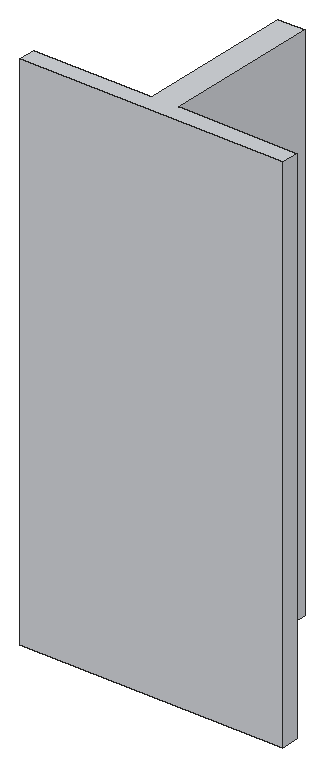
Revit family "KLS - metal join", category Generic Models, host Wall, Revit 2014
Parameters (values of type "metal join_9cm_1.5cm")
  thickness [instance] = 15 mm
  thicknes from wall = 10 mm
  radius_hole = height / 15 + 5 mm  # 25 mm
  material = none
  length of outside = 90 mm
  length = 150 mm
  height = 300 mm
Types (2, lengths in mm): name | thickness | length of outside
  metal join_9cm_1.5cm | 15 | 90
  metal join_14cm_2cm | 20 | 140
Reference planes
  plane 1 "Wall": y = 0
  plane 2 "Center (Left/Right)": x = 125
  plane 3 "Back": y = 75
  plane 4: y = 85
  plane 5: x = 200
  plane 6: x = 50
  plane 7: x = 132.5
  plane 8: x = 117.5
  plane 9: y = 175
  plane 10: y = 130
  plane 11: z = 300
  plane 12: z = 200
  plane 13: z = 100
Forms (mm)
  Extrusion 1, solid
    sketch origin (0, 0, 0) x (1, 0, 0) y (0, 1, 0)
      loop
        line (50, 75) -> (200, 75) -> (200, 85) -> (132.5, 85) -> (132.5, 175) -> (117.5, 175) -> (117.5, 85) -> (50, 85) -> (50, 75)
    from 0 to 300
  Extrusion 2, void
    sketch origin (125, 0, 0) x (0, 1, 0) y (0, 0, 1)
      loop
        circle (130, 200) r 25
      loop
        circle (130, 100) r 25
    from -7.5 to 7.5
Cuts and joins
  Extrusion 2 cuts Extrusion 1
Text (mm)
  text "Placement Side" at (-1848.837, 1116.779, 0), in view "Ref. Level"
  text "Placement side" at (0, 1409.804, 2854.306), in view "Left"
  text "Placement side" at (0, 499.811, 2980.732), in view "Right"
Dimensions and locks
  locked: plane 3 "Back" to host wall
  equal spacing: plane 6, plane 2 "Center (Left/Right)", plane 5
  "thicknes from wall": plane 4 to plane 3 "Back"
  "length": plane 6 to plane 5
  equal spacing: plane 8, plane 2 "Center (Left/Right)", plane 7
  "thickness": plane 8 to plane 7
  equal spacing: plane 9, plane 10, plane 4
  equal spacing: plane 11, plane 12, plane 13, level
  "height": plane 11 to level
  "length of outside": plane 9 to plane 4
  "radius_hole": radius of Extrusion 2 sketch curve  (x2)
  aligned and locked: plane 1 "Wall" to host wall
  aligned and locked: plane 6 to Extrusion 1 sketch curve
  aligned and locked: host wall to Extrusion 1 sketch curve
  aligned and locked: Extrusion 1 sketch curve to plane 5
  aligned and locked: Extrusion 1 sketch curve to plane 9
  aligned and locked: Extrusion 1 sketch curve to plane 7
  aligned and locked: Extrusion 1 sketch curve to plane 8
  aligned and locked: Extrusion 1 sketch curve to plane 4  (x2)
  aligned and locked: plane 11 to Extrusion 1
  aligned and locked: plane 8 to cut or joined group of Extrusion 1, Extrusion 2
  aligned and locked: plane 7 to cut or joined group of Extrusion 1, Extrusion 2
Automatic sketch dimensions
  Extrusion 2 sketch curve to plane 10 = 0 mm  (x2)
  Extrusion 2 sketch curve to plane 13 = 0 mm
  Extrusion 2 sketch curve to plane 12 = 0 mm
